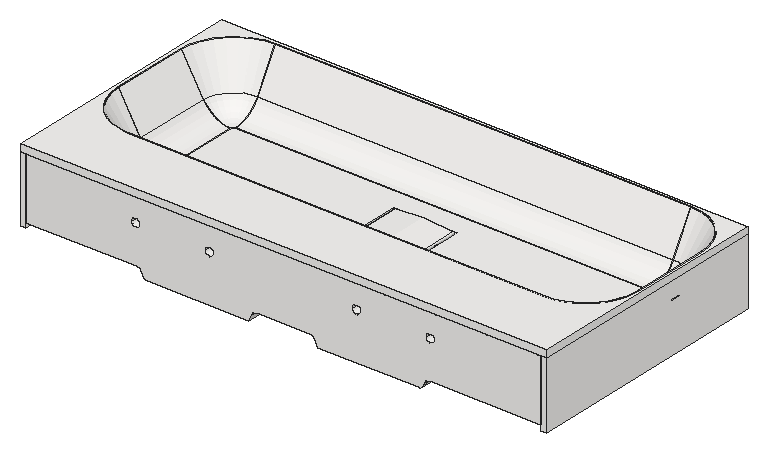
Revit family "Washbasins-hansgrohe-61101XXX-Xevolos E Washbasin 1000_480 without tap hole and overflow, SmartClean", category Plumbing Fixtures, Revit 2019
Family settings
  Round Connector Dimension = Use Diameter
  Part Type = Valve - Breaks Into
  OmniClass Number = 23.31.13.00
  Work Plane-Based = No
  Always vertical = Yes
  Cut with Voids When Loaded = No
  Shared = Yes
  Room Calculation Point = No
Parameters (values of type "61101-61101450-GLOSSY_WHITE-400")
  X2 = 560
  X1 = 280
  WEIGHT = "20"
  UNSPSC = "301815 | Sanitary ware"
  UNIFORMATII = "D2010 | Plumbing Fixtures"
  UNICLASS_2015_CODE = "40_20_96"
  UNICLASS2015 = "Pr_40_20_96 | Wash basins, sinks and troughs"
  TYP = 2
  TAP = 0
  SURFACE = "GLOSSY_WHITE"
  SPECIFICATION = "Surfaces:  - 61101450 White   Specification:  • consists of: washbasin, waste set, cover  • material: ceramic  • SmartClean: dirt-repellent glaze • degree of gloss: glossy  • ceramic cover included • without tap hole • without overflow • without shelf • non-closing waste set • 1000 x 480 mm • type of installation: wall mounted  • suitable for cabinet"
  REGION = "Worldwide"
  PRODUCTURL = "https://pro.hansgrohe.com/articledetail--61101450"
  PRODUCTGROUP = "Washbasins"
  PRODUCTFAMILY = "Xevolos E"
  PERMALINK = "61101XXX"
  OMNICLASS = "23-31 13 00 | Sinks"
  OBJECTTYPE = "Object (single object)"
  NN = "Xevolos Washbasin"
  NBSYN = "$BASENUMBER.-$ARTNR.-$SURFACE.-$LODLEVEL."
  NB = "61101-61101450-GLOSSY_WHITE-400"
  NAME = "Xevolos E Washbasin 1000/480 without tap hole and overflow, SmartClean"
  Model = "61101-61101450-GLOSSY_WHITE-400"
  Manufacturer = "Hansgrohe"
  MIdent = "{$CADENAS_DATA/23d-libs/hansgrohe/xevolos_washbasin/xevolos_washbasin.prj},222 {VTYP=3D},{NB=61101-61101450-GLOSSY_WHITE-400},{LINA=61101-61101450-GLOSSY_WHITE-400},{NN=Xevolos Washbasin},{DATE=13.03.2023 11:34:45},{GEOMDATE=13.03.2023 11:34:00},{VERSION=},{LINEID=790},{WBVAR=LODLEVEL},{WBNUMERIC=}  {NB=61101-61101450-GLOSSY_WHITE-400},{LINA=61101-61101450-GLOSSY_WHITE-400},{KT=DUMMY},{IDNR=12},{ARTNR=61101450},{BASENUMBER=61101},{MODEL=61101XXX},{SURFACE=GLOSSY_WHITE},{LODLEVEL=400},{LODLEVELX='400','400','200','200'},{L=1000.000},{LI=810.000},{X1=280.000},{X2=560.000},{DO=46.000},{DOT=35.000},{TAP=0},{TYP=2},{NAME=Xevolos E Washbasin 1000/480 without tap hole and overflow, SmartClean},{PERMALINK=61101XXX},{OBJECTTYPE=Object (single object)},{BIMOBJECT=Sanitary: Wash Basins},{PRODUCTFAMILY=Xevolos E},{PRODUCTGROUP=Washbasins},{WEIGHT=20},{DESCRIPTION=Xevolos E Washbasin 1000/480 without tap hole and overflow, SmartClean},{SPECIFICATION=Surfaces:  - 61101450 White   Specification:  • consists of: washbasin, waste set, cover  • material: ceramic  • SmartClean: dirt-repellent glaze • degree of gloss: glossy  • ceramic cover included • without tap hole • without overflow • without shelf • non-closing waste set • 1000 x 480 mm • type of installation: wall mounted  • suitable for cabinet},{PRODUCTURL=https://pro.hansgrohe.com/articledetail--61101450},{GTINCODE=4059625420782},{IFC=Sanitary Terminal},{ETIM=EC011550 | Washbasin},{UNICLASS2015=Pr_40_20_96 | Wash basins, sinks and troughs},{OMNICLASS=23-31 13 00 | Sinks},{MASTERFORMAT=22 41 16.13 | Residential Lavatories},{UNSPSC=301815 | Sanitary ware},{UNIFORMATII=D2010 | Plumbing Fixtures},{REGION=Worldwide},{DESIGN=Germany},{MANUFACTURER=Germany}"
  MASTERFORMAT = "22 41 16.13 | Residential Lavatories"
  LODLEVEL = "400"
  LINA = "61101-61101450-GLOSSY_WHITE-400"
  LI = 810
  L = 1000
  IFC = "Sanitary Terminal"
  GTINCODE = "4059625420782"
  ETIM = "EC011550 | Washbasin"
  DOT = 35
  DO = 46
  DESIGN = "Germany"
  CNSPipeRound/cp_Ausgang_1_V = no
  CATALOG = "Hansgrohe"
  BIMOBJECT = "Sanitary: Wash Basins"
  BASENUMBER = "61101"
  ARTNR = "61101450"
  61101-61101450-GLOSSY_WHITE-400_RX0RY0RZ0TX0TY0TZ0_V = yes
  61101-61101450-GLOSSY_WHITE-200_RX0RY0RZ0TX0TY0TZ0_V = no
Types (3, lengths in mm): name | NB | Model | MIdent | LODLEVEL | LINA | 61101-61101450-GLOSSY_WHITE-400_RX0RY0RZ0TX0TY0TZ0_V | 61101-61101450-GLOSSY_WHITE-200_RX0RY0RZ0TX0TY0TZ0_V
  (no name) | "61101-61101450-GLOSSY_WHITE-400" | "61101-61101450-GLOSSY_WHITE-400" | "{$CADENAS_DATA/23d-libs/hansgrohe/xevolos_washbasin/xevolos_washbasin.prj},222 {VTYP=3D},{NB=61101-61101450-GLOSSY_WHITE-400},{LINA=61101-61101450-GLOSSY_WHITE-400},{NN=Xevolos Washbasin},{DATE=13.03.2023 11:34:45},{GEOMDATE=13.03.2023 11:34:00},{VERSION=},{LINEID=790},{WBVAR=LODLEVEL},{WBNUMERIC=}  {NB=61101-61101450-GLOSSY_WHITE-400},{LINA=61101-61101450-GLOSSY_WHITE-400},{KT=DUMMY},{IDNR=12},{ARTNR=61101450},{BASENUMBER=61101},{MODEL=61101XXX},{SURFACE=GLOSSY_WHITE},{LODLEVEL=400},{LODLEVELX='400','400','200','200'},{L=1000.000},{LI=810.000},{X1=280.000},{X2=560.000},{DO=46.000},{DOT=35.000},{TAP=0},{TYP=2},{NAME=Xevolos E Washbasin 1000/480 without tap hole and overflow, SmartClean},{PERMALINK=61101XXX},{OBJECTTYPE=Object (single object)},{BIMOBJECT=Sanitary: Wash Basins},{PRODUCTFAMILY=Xevolos E},{PRODUCTGROUP=Washbasins},{WEIGHT=20},{DESCRIPTION=Xevolos E Washbasin 1000/480 without tap hole and overflow, SmartClean},{SPECIFICATION=Surfaces:  - 61101450 White   Specification:  • consists of: washbasin, waste set, cover  • material: ceramic  • SmartClean: dirt-repellent glaze • degree of gloss: glossy  • ceramic cover included • without tap hole • without overflow • without shelf • non-closing waste set • 1000 x 480 mm • type of installation: wall mounted  • suitable for cabinet},{PRODUCTURL=https://pro.hansgrohe.com/articledetail--61101450},{GTINCODE=4059625420782},{IFC=Sanitary Terminal},{ETIM=EC011550 | Washbasin},{UNICLASS2015=Pr_40_20_96 | Wash basins, sinks and troughs},{OMNICLASS=23-31 13 00 | Sinks},{MASTERFORMAT=22 41 16.13 | Residential Lavatories},{UNSPSC=301815 | Sanitary ware},{UNIFORMATII=D2010 | Plumbing Fixtures},{REGION=Worldwide},{DESIGN=Germany},{MANUFACTURER=Germany}" | "400" | "61101-61101450-GLOSSY_WHITE-400" | yes | yes
  61101-61101450-GLOSSY_WHITE-200 | "61101-61101450-GLOSSY_WHITE-200" | "61101-61101450-GLOSSY_WHITE-200" | "{$CADENAS_DATA/23d-libs/hansgrohe/xevolos_washbasin/xevolos_washbasin.prj},222 {VTYP=3D},{NB=61101-61101450-GLOSSY_WHITE-200},{LINA=61101-61101450-GLOSSY_WHITE-200},{NN=Xevolos Washbasin},{DATE=13.03.2023 11:34:45},{GEOMDATE=13.03.2023 11:34:00},{VERSION=},{LINEID=790},{WBVAR=LODLEVEL},{WBNUMERIC=}  {NB=61101-61101450-GLOSSY_WHITE-200},{LINA=61101-61101450-GLOSSY_WHITE-200},{KT=DUMMY},{IDNR=12},{ARTNR=61101450},{BASENUMBER=61101},{MODEL=61101XXX},{SURFACE=GLOSSY_WHITE},{LODLEVEL=200},{LODLEVELX='400','400','200','200'},{L=1000.000},{LI=810.000},{X1=280.000},{X2=560.000},{DO=46.000},{DOT=35.000},{TAP=0},{TYP=2},{NAME=Xevolos E Washbasin 1000/480 without tap hole and overflow, SmartClean},{PERMALINK=61101XXX},{OBJECTTYPE=Object (single object)},{BIMOBJECT=Sanitary: Wash Basins},{PRODUCTFAMILY=Xevolos E},{PRODUCTGROUP=Washbasins},{WEIGHT=20},{DESCRIPTION=Xevolos E Washbasin 1000/480 without tap hole and overflow, SmartClean},{SPECIFICATION=Surfaces:  - 61101450 White   Specification:  • consists of: washbasin, waste set, cover  • material: ceramic  • SmartClean: dirt-repellent glaze • degree of gloss: glossy  • ceramic cover included • without tap hole • without overflow • without shelf • non-closing waste set • 1000 x 480 mm • type of installation: wall mounted  • suitable for cabinet},{PRODUCTURL=https://pro.hansgrohe.com/articledetail--61101450},{GTINCODE=4059625420782},{IFC=Sanitary Terminal},{ETIM=EC011550 | Washbasin},{UNICLASS2015=Pr_40_20_96 | Wash basins, sinks and troughs},{OMNICLASS=23-31 13 00 | Sinks},{MASTERFORMAT=22 41 16.13 | Residential Lavatories},{UNSPSC=301815 | Sanitary ware},{UNIFORMATII=D2010 | Plumbing Fixtures},{REGION=Worldwide},{DESIGN=Germany},{MANUFACTURER=Germany}" | "200" | "61101-61101450-GLOSSY_WHITE-200" | no | yes
  61101-61101450-GLOSSY_WHITE-400 | "61101-61101450-GLOSSY_WHITE-400" | "61101-61101450-GLOSSY_WHITE-400" | "{$CADENAS_DATA/23d-libs/hansgrohe/xevolos_washbasin/xevolos_washbasin.prj},222 {VTYP=3D},{NB=61101-61101450-GLOSSY_WHITE-400},{LINA=61101-61101450-GLOSSY_WHITE-400},{NN=Xevolos Washbasin},{DATE=13.03.2023 11:34:45},{GEOMDATE=13.03.2023 11:34:00},{VERSION=},{LINEID=790},{WBVAR=LODLEVEL},{WBNUMERIC=}  {NB=61101-61101450-GLOSSY_WHITE-400},{LINA=61101-61101450-GLOSSY_WHITE-400},{KT=DUMMY},{IDNR=12},{ARTNR=61101450},{BASENUMBER=61101},{MODEL=61101XXX},{SURFACE=GLOSSY_WHITE},{LODLEVEL=400},{LODLEVELX='400','400','200','200'},{L=1000.000},{LI=810.000},{X1=280.000},{X2=560.000},{DO=46.000},{DOT=35.000},{TAP=0},{TYP=2},{NAME=Xevolos E Washbasin 1000/480 without tap hole and overflow, SmartClean},{PERMALINK=61101XXX},{OBJECTTYPE=Object (single object)},{BIMOBJECT=Sanitary: Wash Basins},{PRODUCTFAMILY=Xevolos E},{PRODUCTGROUP=Washbasins},{WEIGHT=20},{DESCRIPTION=Xevolos E Washbasin 1000/480 without tap hole and overflow, SmartClean},{SPECIFICATION=Surfaces:  - 61101450 White   Specification:  • consists of: washbasin, waste set, cover  • material: ceramic  • SmartClean: dirt-repellent glaze • degree of gloss: glossy  • ceramic cover included • without tap hole • without overflow • without shelf • non-closing waste set • 1000 x 480 mm • type of installation: wall mounted  • suitable for cabinet},{PRODUCTURL=https://pro.hansgrohe.com/articledetail--61101450},{GTINCODE=4059625420782},{IFC=Sanitary Terminal},{ETIM=EC011550 | Washbasin},{UNICLASS2015=Pr_40_20_96 | Wash basins, sinks and troughs},{OMNICLASS=23-31 13 00 | Sinks},{MASTERFORMAT=22 41 16.13 | Residential Lavatories},{UNSPSC=301815 | Sanitary ware},{UNIFORMATII=D2010 | Plumbing Fixtures},{REGION=Worldwide},{DESIGN=Germany},{MANUFACTURER=Germany}" | "400" | "61101-61101450-GLOSSY_WHITE-400" | yes | no
Reference planes
  plane 1 "Center (Front/Back)": y = 0
  plane 2: z = 0
  plane 3 "Center (Left/Right)": x = 0
Dimensions and locks
  aligned and locked: level to plane 2
Nested families
  nested 1: "61101-61101450-glossy_white-200_content" at (0, 0, 0), visible <- "61101-61101450-GLOSSY_WHITE-200_RX0RY0RZ0TX0TY0TZ0_V", ContentVisible <- "61101-61101450-GLOSSY_WHITE-200_RX0RY0RZ0TX0TY0TZ0_V", type "61101-61101450-GLOSSY_WHITE-200_Content"
    with ContentVisible no
  nested 2: "61101-61101450-glossy_white-400_content" at (0, 0, 0), visible <- "61101-61101450-GLOSSY_WHITE-400_RX0RY0RZ0TX0TY0TZ0_V", ContentVisible <- "61101-61101450-GLOSSY_WHITE-400_RX0RY0RZ0TX0TY0TZ0_V", type "61101-61101450-GLOSSY_WHITE-400_Content"
    with ContentVisible yes
  nested 3: "ConnectorHost2019" at (0, 0, 0), visible <- "CNSPipeRound/cp_Ausgang_1_V", type "ConnectorHost2019"
    with Visible no, TransZ 0 mm, TransY 0 mm, TransX 0 mm, ScaleZ 1 mm, ScaleY 1 mm, ScaleX 1 mm, RotZ 180.00°, RotY 360.00°, RotX 180.00°
Connectors
  piping at (0, 0, 0), diameter 46
    settings: on nested 3, index 1, connector inside diameter 609.6 mm, connector length 0 mm, flow factor 0, pipe flow 0.0 L/s, pressure drop 0.0 Pa, fitting loss kfactor 0, connector angle 0.00°, fixture units 0, engagement length 0 mm, angle of deflection 0.00°, flow configuration 0, flow direction 2, fitting loss method 0, system type 29, joint type 0, gender type 0, connector reference index -1, connector utility 0, adjustable connector no, is connector primary yes, connector description ""
Definition of nested family "61101-61101450-glossy_white-400_content"
  Parameters (values of type "61101-61101450-GLOSSY_WHITE-400_Content")
    X2 = 560
    X1 = 280
    WEIGHT = "20"
    UNSPSC = "301815 | Sanitary ware"
    UNIFORMATII = "D2010 | Plumbing Fixtures"
    UNICLASS_2015_CODE = "40_20_96"
    UNICLASS2015 = "Pr_40_20_96 | Wash basins, sinks and troughs"
    TYP = 2
    TAP = 0
    SURFACE = "GLOSSY_WHITE"
    SPECIFICATION = "Surfaces:  - 61101450 White   Specification:  • consists of: washbasin, waste set, cover  • material: ceramic  • SmartClean: dirt-repellent glaze • degree of gloss: glossy  • ceramic cover included • without tap hole • without overflow • without shelf • non-closing waste set • 1000 x 480 mm • type of installation: wall mounted  • suitable for cabinet"
    REGION = "Worldwide"
    PRODUCTURL = "https://pro.hansgrohe.com/articledetail--61101450"
    PRODUCTGROUP = "Washbasins"
    PRODUCTFAMILY = "Xevolos E"
    PERMALINK = "61101XXX"
    OMNICLASS = "23-31 13 00 | Sinks"
    OBJECTTYPE = "Object (single object)"
    NN = "Xevolos Washbasin"
    NBSYN = "$BASENUMBER.-$ARTNR.-$SURFACE.-$LODLEVEL."
    NB = "61101-61101450-GLOSSY_WHITE-400"
    NAME = "Xevolos E Washbasin 1000/480 without tap hole and overflow, SmartClean"
    Model = "61101-61101450-GLOSSY_WHITE-400"
    Manufacturer = "Hansgrohe"
    MASTERFORMAT = "22 41 16.13 | Residential Lavatories"
    LODLEVEL = "400"
    LINA = "61101-61101450-GLOSSY_WHITE-400"
    LI = 810
    L = 1000
    IFC = "Sanitary Terminal"
    GTINCODE = "4059625420782"
    ETIM = "EC011550 | Washbasin"
    Default Elevation = 1219.2 mm
    DOT = 35
    DO = 46
    DESIGN = "Germany"
    ContentVisible [instance] = yes
    CATALOG = "Hansgrohe"
    BIMOBJECT = "Sanitary: Wash Basins"
    BASENUMBER = "61101"
    ARTNR = "61101450"
  Reference planes
    plane 1 "Center (Front/Back)": y = 0
    plane 2: z = 0
    plane 3 "Center (Left/Right)": x = 0
  Forms (mm)
    Extrusion 1, solid, visible <- "ContentVisible", detail levels medium+fine
      sketch origin (0, -295, 7) x (0, 0, -1) y (0, -1, 0)
        loop
          line (-140, -474) -> (-121, -474) -> (-62.906, -440.46)
          arc (-62.906, -440.46) -> (-37.353, -414.906) -> (-28, -380) r 69.813
          line (-28, -380) -> (-37.5, -380)
          arc (-37.5, -380) -> (-45.58, -410.156) -> (-67.656, -432.232) r 60.313
          line (-67.656, -432.232) -> (-140, -474)
      from -395 to 395
    Revolve 2, solid, visible <- "ContentVisible", detail levels medium+fine
      sketch origin (-395, -295, 7) x (0, 0, -1) y (0, -1, 0)
        loop
          line (-140, -474) -> (-121, -474) -> (-62.906, -440.46)
          arc (-62.906, -440.46) -> (-37.353, -414.906) -> (-28, -380) r 69.813
          line (-28, -380) -> (-37.5, -380)
          arc (-37.5, -380) -> (-45.58, -410.156) -> (-67.656, -432.232) r 60.313
          line (-67.656, -432.232) -> (-140, -474)
        axis (-140, -375) -> (-28, -375)
      angle from -90 to 0
    Extrusion 3, solid, visible <- "ContentVisible", detail levels medium+fine
      sketch origin (0, -70, 7) x (-1, 0, 0) y (0, 0, -1)
        loop
          line (400, -28) -> (400, -37.5)
          arc (400, -37.5) -> (430.156, -45.58) -> (452.232, -67.656) r 60.313
          line (452.232, -67.656) -> (494, -140) -> (494, -121) -> (460.46, -62.906)
          arc (460.46, -62.906) -> (434.906, -37.353) -> (400, -28) r 69.813
      from -150 to 0
    Revolve 4, solid, visible <- "ContentVisible", detail levels medium+fine
      sketch origin (-395, -295, 7) x (0, 0, -1) y (0, -1, 0)
        loop
          line (-140, -126) -> (-67.656, -167.768)
          arc (-67.656, -167.768) -> (-45.58, -189.844) -> (-37.5, -220) r 60.313
          line (-37.5, -220) -> (-28, -220)
          arc (-28, -220) -> (-37.353, -185.094) -> (-62.906, -159.54) r 69.813
          line (-62.906, -159.54) -> (-121, -126) -> (-140, -126)
        axis (-28, -225) -> (-140, -225)
      angle from -90 to 0
    Extrusion 5, solid, visible <- "ContentVisible", detail levels medium+fine
      sketch origin (0, -295, 7) x (0, 0, -1) y (0, -1, 0)
        loop
          line (-140, -126) -> (-67.656, -167.768)
          arc (-67.656, -167.768) -> (-45.58, -189.844) -> (-37.5, -220) r 60.313
          line (-37.5, -220) -> (-28, -220)
          arc (-28, -220) -> (-37.353, -185.094) -> (-62.906, -159.54) r 69.813
          line (-62.906, -159.54) -> (-121, -126) -> (-140, -126)
      from -395 to 395
    Revolve 6, solid, visible <- "ContentVisible", detail levels medium+fine
      sketch origin (395, -295, 7) x (0, 0, -1) y (0, -1, 0)
        loop
          line (-140, -126) -> (-67.656, -167.768)
          arc (-67.656, -167.768) -> (-45.58, -189.844) -> (-37.5, -220) r 60.313
          line (-37.5, -220) -> (-28, -220)
          arc (-28, -220) -> (-37.353, -185.094) -> (-62.906, -159.54) r 69.813
          line (-62.906, -159.54) -> (-121, -126) -> (-140, -126)
        axis (-28, -225) -> (-140, -225)
      angle from 0 to 90
    Extrusion 7, solid, visible <- "ContentVisible", detail levels medium+fine
      sketch origin (0, -70, 7) x (-1, 0, 0) y (0, 0, -1)
        loop
          line (-494, -121) -> (-494, -140) -> (-452.232, -67.656)
          arc (-452.232, -67.656) -> (-430.156, -45.58) -> (-400, -37.5) r 60.313
          line (-400, -37.5) -> (-400, -28)
          arc (-400, -28) -> (-434.906, -37.353) -> (-460.46, -62.906) r 69.813
          line (-460.46, -62.906) -> (-494, -121)
      from -150 to 0
    Revolve 8, solid, visible <- "ContentVisible", detail levels medium+fine
      sketch origin (395, -295, 7) x (0, 0, -1) y (0, -1, 0)
        loop
          line (-140, -474) -> (-121, -474) -> (-62.906, -440.46)
          arc (-62.906, -440.46) -> (-37.353, -414.906) -> (-28, -380) r 69.813
          line (-28, -380) -> (-37.5, -380)
          arc (-37.5, -380) -> (-45.58, -410.156) -> (-67.656, -432.232) r 60.313
          line (-67.656, -432.232) -> (-140, -474)
        axis (-140, -375) -> (-28, -375)
      angle from 0 to 90
    Extrusion 9, solid, visible <- "ContentVisible", detail levels medium+fine
      sketch origin (0, -295, 35) x (-1, 0, 0) y (0, -1, 0)
        loop
          line (-400, -225) -> (-400, -375)
          arc (-400, -375) -> (-398.536, -378.536) -> (-395, -380) r 5
          line (-395, -380) -> (395, -380)
          arc (395, -380) -> (398.536, -378.536) -> (400, -375) r 5
          line (400, -375) -> (400, -225)
          arc (400, -225) -> (398.536, -221.464) -> (395, -220) r 5
          line (395, -220) -> (-395, -220)
          arc (-395, -220) -> (-398.536, -221.464) -> (-400, -225) r 5
        loop
          line (-60, -252.5) -> (-60, -337.5) -> (60, -337.5) -> (60, -252.5) -> (-60, -252.5)
      from 0 to 9.5
    Extrusion 10, solid, visible <- "ContentVisible", detail levels medium+fine
      sketch origin (0, -295, 147) x (-1, 0, 0) y (0, -1, 0)
        loop
          line (-500, -480) -> (500, -480) -> (500, 0) -> (-500, 0) -> (-500, -480)
        loop
          line (-494, -226) -> (-494, -374)
          arc (-494, -374) -> (-464.711, -444.711) -> (-394, -474) r 100
          line (-394, -474) -> (394, -474)
          arc (394, -474) -> (464.711, -444.711) -> (494, -374) r 100
          line (494, -374) -> (494, -226)
          arc (494, -226) -> (464.711, -155.289) -> (394, -126) r 100
          line (394, -126) -> (-394, -126)
          arc (-394, -126) -> (-464.711, -155.289) -> (-494, -226) r 100
      from -13 to 0
    Extrusion 11, solid, visible <- "ContentVisible", detail levels medium+fine
      sketch origin (0, -295, 134) x (-1, 0, 0) y (0, -1, 0)
        loop
          line (-500, -480) -> (500, -480) -> (500, 0) -> (490, 0) -> (490, -470) -> (-490, -470) -> (-490, 0) -> (-500, 0) -> (-500, -480)
      from -127 to 0
    Extrusion 12, solid, visible <- "ContentVisible", detail levels medium+fine
      sketch origin (0, -295, 7) x (-1, 0, 0) y (0, 0, -1)
        loop
          line (-490, -10) -> (-490, -127) -> (490, -127) -> (490, -10) -> (278.554, -10)
          arc (278.554, -10) -> (272.818, -8.192) -> (269.157, -3.42) r 10
          line (269.157, -3.42) -> (267.395, 1.42)
          arc (267.395, 1.42) -> (263.734, 6.192) -> (257.998, 8) r 10
          line (257.998, 8) -> (65, 8) -> (59.299, -4.226)
          arc (59.299, -4.226) -> (55.609, -8.434) -> (50.236, -10) r 10
          line (50.236, -10) -> (-50.236, -10)
          arc (-50.236, -10) -> (-55.609, -8.434) -> (-59.299, -4.226) r 10
          line (-59.299, -4.226) -> (-65, 8) -> (-257.998, 8)
          arc (-257.998, 8) -> (-263.734, 6.192) -> (-267.395, 1.42) r 10
          line (-267.395, 1.42) -> (-269.157, -3.42)
          arc (-269.157, -3.42) -> (-272.818, -8.192) -> (-278.554, -10) r 10
          line (-278.554, -10) -> (-490, -10)
      from -35 to 0
    Extrusion 13, solid, visible <- "ContentVisible", detail levels medium+fine
      sketch origin (0, -295, 17) x (-1, 0, 0) y (0, -1, 0)
        loop
          line (-490, -35) -> (-490, -470) -> (490, -470) -> (490, -35) -> (405, -35) -> (405, -271)
          arc (405, -271) -> (369.267, -357.267) -> (283, -393) r 122
          line (283, -393) -> (-283, -393)
          arc (-283, -393) -> (-369.267, -357.267) -> (-405, -271) r 122
          line (-405, -271) -> (-405, -35) -> (-490, -35)
      from 0 to 25
    Extrusion 14, solid, visible <- "ContentVisible", detail levels medium+fine
      sketch origin (-405, -295, 7) x (0, 0, -1) y (0, -1, 0)
        loop
          line (-127, -127.732) -> (-65.156, -163.437)
          arc (-65.156, -163.437) -> (-46.312, -179.833) -> (-35, -202.103) r 65.313
          line (-35, -202.103) -> (-35, -35) -> (-127, -35) -> (-127, -127.732)
      from 0 to 89
    Extrusion 15, solid, visible <- "ContentVisible", detail levels medium+fine
      sketch origin (405, -295, 7) x (0, 0, -1) y (0, -1, 0)
        loop
          line (-127, -127.732) -> (-65.156, -163.437)
          arc (-65.156, -163.437) -> (-46.312, -179.833) -> (-35, -202.103) r 65.313
          line (-35, -202.103) -> (-35, -35) -> (-127, -35) -> (-127, -127.732)
      from -89 to 0
    Extrusion 16, solid, visible <- "ContentVisible", detail levels medium+fine
      sketch origin (0, -295, 17) x (-1, 0, 0) y (0, -1, 0)
        loop
          line (-72, -261.5) -> (-72, -328.5)
          arc (-72, -328.5) -> (-65.703, -343.703) -> (-50.5, -350) r 21.5
          line (-50.5, -350) -> (50.5, -350)
          arc (50.5, -350) -> (65.703, -343.703) -> (72, -328.5) r 21.5
          line (72, -328.5) -> (72, -261.5)
          arc (72, -261.5) -> (65.703, -246.297) -> (50.5, -240) r 21.5
          line (50.5, -240) -> (-50.5, -240)
          arc (-50.5, -240) -> (-65.703, -246.297) -> (-72, -261.5) r 21.5
      from 0 to 18
    Revolve 17, solid, visible <- "ContentVisible", detail levels medium+fine
      sketch origin (0, 0, 7) x (-1, 0, 0) y (0, 0, -1)
        loop
          line (23, -4.5) -> (42.5, -27.441) -> (42.5, -10) -> (34, 0) -> (34, 7) -> (23, 7) -> (23, -4.5)
        axis (0, -27.441) -> (0, 7)
      angle from -360 to 0
    Extrusion 18, solid, visible <- "ContentVisible", detail levels medium+fine
      sketch origin (0, -295, -3) x (-1, 0, 0) y (0, -1, 0)
        loop
          circle (0, -295) r 7.5
      from 0 to 41
    Extrusion 19, solid, visible <- "ContentVisible", detail levels medium+fine
      sketch origin (0, -295, 38) x (-1, 0, 0) y (0, -1, 0)
        loop
          circle (0, -295) r 32.5
      from 0 to 2
    Extrusion 20, solid, visible <- "ContentVisible", detail levels medium+fine
      sketch origin (0, 0, 7) x (-1, 0, 0) y (0, 0, -1)
        loop
          arc (-54.85, -33) -> (-57.5, -35.65) -> (-54.85, -38.3) r 2.65
          arc (-54.85, -38.3) -> (0, -43.036) -> (54.85, -38.3) r 320
          arc (54.85, -38.3) -> (57.5, -35.65) -> (54.85, -33) r 2.65
          line (54.85, -33) -> (-54.85, -33)
      from -40 to 40
    Extrusion 21, void, detail levels medium+fine
      sketch origin (0, -295, 7) x (-1, 0, 0) y (0, 0, -1)
        loop
          circle (140, -83) r 8
      from -30 to 30
    Extrusion 22, void, detail levels medium+fine
      sketch origin (0, -295, 7) x (-1, 0, 0) y (0, 0, -1)
        loop
          circle (-140, -83) r 8
      from -30 to 30
    Extrusion 23, void, detail levels medium+fine
      sketch origin (0, -295, 7) x (-1, 0, 0) y (0, 0, -1)
        loop
          circle (280, -83) r 8
      from -30 to 30
    Extrusion 24, void, detail levels medium+fine
      sketch origin (0, -295, 7) x (-1, 0, 0) y (0, 0, -1)
        loop
          circle (-280, -83) r 8
      from -30 to 30
    Extrusion 25, solid, visible <- "ContentVisible", detail levels coarse
      sketch origin (0, -55, -3) x (1, 0, 0) y (0, 1, 0)
        loop
          line (-500, -240) -> (500, -240) -> (500, 240) -> (-500, 240) -> (-500, -240)
      from 0 to 150
  Cuts and joins
    Extrusion 21, Extrusion 22, Extrusion 23, Extrusion 24 cuts Extrusion 1
    Extrusion 21, Extrusion 22, Extrusion 23, Extrusion 24 cuts Revolve 2
    Extrusion 21, Extrusion 22, Extrusion 23, Extrusion 24 cuts Extrusion 3
    Extrusion 21, Extrusion 22, Extrusion 23, Extrusion 24 cuts Revolve 4
    Extrusion 21, Extrusion 22, Extrusion 23, Extrusion 24 cuts Extrusion 5
    Extrusion 21, Extrusion 22, Extrusion 23, Extrusion 24 cuts Revolve 6
    Extrusion 21, Extrusion 22, Extrusion 23, Extrusion 24 cuts Extrusion 7
    Extrusion 21, Extrusion 22, Extrusion 23, Extrusion 24 cuts Revolve 8
    Extrusion 21, Extrusion 22, Extrusion 23, Extrusion 24 cuts Extrusion 9
    Extrusion 21, Extrusion 22, Extrusion 23, Extrusion 24 cuts Extrusion 10
    Extrusion 21, Extrusion 22, Extrusion 23, Extrusion 24 cuts Extrusion 11
    Extrusion 21, Extrusion 22, Extrusion 23, Extrusion 24 cuts Extrusion 12
    Extrusion 21, Extrusion 22, Extrusion 23, Extrusion 24 cuts Extrusion 13
    Extrusion 21, Extrusion 22, Extrusion 23, Extrusion 24 cuts Extrusion 14
    Extrusion 21, Extrusion 22, Extrusion 23, Extrusion 24 cuts Extrusion 15
    Extrusion 21, Extrusion 22, Extrusion 23, Extrusion 24 cuts Extrusion 16
    Extrusion 21, Extrusion 22, Extrusion 23, Extrusion 24 cuts Revolve 17
    Extrusion 21, Extrusion 22, Extrusion 23, Extrusion 24 cuts Extrusion 18
    Extrusion 21, Extrusion 22, Extrusion 23, Extrusion 24 cuts Extrusion 19
    Extrusion 21, Extrusion 22, Extrusion 23, Extrusion 24 cuts Extrusion 20
  Dimensions and locks
    aligned and locked: level to plane 2
Definition of nested family "61101-61101450-glossy_white-200_content"
  Parameters (values of type "61101-61101450-GLOSSY_WHITE-200_Content")
    X2 = 560
    X1 = 280
    WEIGHT = "20"
    UNSPSC = "301815 | Sanitary ware"
    UNIFORMATII = "D2010 | Plumbing Fixtures"
    UNICLASS_2015_CODE = "40_20_96"
    UNICLASS2015 = "Pr_40_20_96 | Wash basins, sinks and troughs"
    TYP = 2
    TAP = 0
    SURFACE = "GLOSSY_WHITE"
    SPECIFICATION = "Surfaces:  - 61101450 White   Specification:  • consists of: washbasin, waste set, cover  • material: ceramic  • SmartClean: dirt-repellent glaze • degree of gloss: glossy  • ceramic cover included • without tap hole • without overflow • without shelf • non-closing waste set • 1000 x 480 mm • type of installation: wall mounted  • suitable for cabinet"
    REGION = "Worldwide"
    PRODUCTURL = "https://pro.hansgrohe.com/articledetail--61101450"
    PRODUCTGROUP = "Washbasins"
    PRODUCTFAMILY = "Xevolos E"
    PERMALINK = "61101XXX"
    OMNICLASS = "23-31 13 00 | Sinks"
    OBJECTTYPE = "Object (single object)"
    NN = "Xevolos Washbasin"
    NBSYN = "$BASENUMBER.-$ARTNR.-$SURFACE.-$LODLEVEL."
    NB = "61101-61101450-GLOSSY_WHITE-200"
    NAME = "Xevolos E Washbasin 1000/480 without tap hole and overflow, SmartClean"
    Model = "61101-61101450-GLOSSY_WHITE-200"
    Manufacturer = "Hansgrohe"
    MASTERFORMAT = "22 41 16.13 | Residential Lavatories"
    LODLEVEL = "200"
    LINA = "61101-61101450-GLOSSY_WHITE-200"
    LI = 810
    L = 1000
    IFC = "Sanitary Terminal"
    GTINCODE = "4059625420782"
    ETIM = "EC011550 | Washbasin"
    Default Elevation = 1219.2 mm
    DOT = 35
    DO = 46
    DESIGN = "Germany"
    ContentVisible [instance] = yes
    CATALOG = "Hansgrohe"
    BIMOBJECT = "Sanitary: Wash Basins"
    BASENUMBER = "61101"
    ARTNR = "61101450"
  Reference planes
    plane 1 "Center (Front/Back)": y = 0
    plane 2: z = 0
    plane 3 "Center (Left/Right)": x = 0
  Forms (mm)
    Extrusion 1, solid, visible <- "ContentVisible", detail levels medium+fine
      sketch origin (0, -295, 147) x (-1, 0, 0) y (0, -1, 0)
        loop
          line (-500, -480) -> (500, -480) -> (500, 0) -> (-500, 0) -> (-500, -480)
      from -140 to 0
    Extrusion 2, void, detail levels medium+fine
      sketch origin (0, -295, 147) x (-1, 0, 0) y (0, -1, 0)
        loop
          line (-494, -126) -> (-494, -474) -> (494, -474) -> (494, -126) -> (-494, -126)
      from -102.5 to 0
    Extrusion 3, solid, visible <- "ContentVisible", detail levels medium+fine
      sketch origin (0, -295, 7) x (-1, 0, 0) y (0, -1, 0)
        loop
          circle (0, -295) r 34
      from -10 to 0
    Extrusion 4, solid, visible <- "ContentVisible", detail levels coarse
      sketch origin (0, -55, -3) x (1, 0, 0) y (0, 1, 0)
        loop
          line (-500, -240) -> (500, -240) -> (500, 240) -> (-500, 240) -> (-500, -240)
      from 0 to 150
  Cuts and joins
    Extrusion 2 cuts Extrusion 1
  Dimensions and locks
    aligned and locked: level to plane 2
